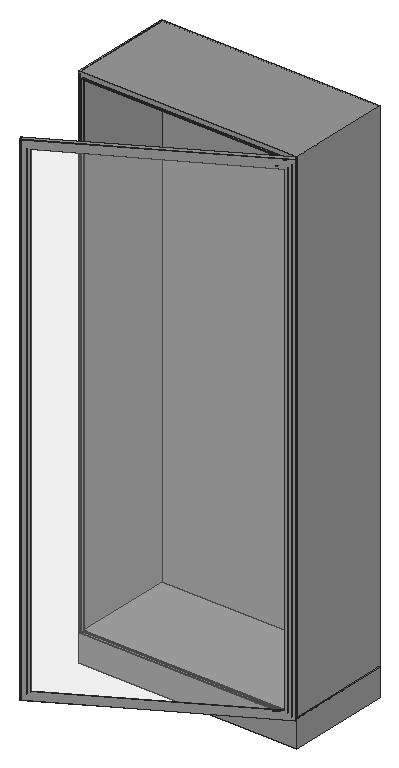
Revit family "Hager-Univers-IP55-D400-H1950-Cl.II-Steel_encl-NoHosted-BE-en", category Equipement électrique, Revit 2020
Family settings
  Configuration du panneau = Deux colonnes, circuits au sein
  Cote de connecteur circulaire = Utiliser le diamètre
  Type d'élément = Tableau de raccordement
  Basée sur le plan de construction = Oui
  Toujours verticalement = Oui
  Couper avec des vides une fois chargée = Non
  Partagée = Non
  Point de calcul de pièce = Non
Parameters (values of type "Floor installation IP55 W800 H1950 D400  - FR23U1")
  Width Control [instance] = if([EF000008 - Width] > Min Width, [EF000008 - Width], Min Width)  # 800 mm
  Commentaires du type = [HG000003 - Range]  # "Univers"
  Thickness Door [instance] = if([EF009171 - Material plate thickness door/cover] > 3 mm, 3 mm, [EF009171 - Material plate thickness door/cover])  # 1.5 mm
  Seal Frame Offset [instance] = 17 mm  # constant formula
  Plinth Visibility [instance] = [HG000027 - Plinth height] > 0 mm  # yes
  Min Width [instance] = 100 mm  # constant formula
  Min Depth [instance] = (2 * [EF009170 - Material plate thickness cabinet]) + 1 mm  # 4 mm
  Min Height [instance] = 100 mm  # constant formula
  Internal Frame Depth [instance] = (Door System Depth * 0.5)  # 9 mm
  Panel Name [instance] = ""  # (empty or 0)
  Model = ""
  HG000027 - Plinth height = 100 mm
  HG000026 - Floor standing = yes
  HG000024 - Bottom section height = 600 mm
  HG000023 - Double section enclosure = no
  HG000016 - Door 3d visibility [instance] = yes
  HG000015 - Clearance visibility [instance] = no
  HG000014 - Door on the right [instance] = yes
  HG000013 - Door on the left [instance] = not([HG000014 - Door on the right])  # no
  HG000012 - Door swing angle [instance] = 30.00°
  HG000010 - Asymmetric doors = no
  HG000009 - Double swing door = no
  HG000006 - Flush mounted = no
  HG000004 - Manufacturer reference = "FR23U1"
  HG000003 - Range = "Univers"
  HG000002 - With door or cover = yes
  Frame Offset Bottom [instance] = 10 mm  # constant formula
  Frame Offset [instance] = 15 mm  # constant formula
  EF015940 - Cover with overpressure release = no
  EF011959 - Degree of protection (NEMA) = ""
  EF009554 - Number of openings for flange plates = 6
  EF009212 - Cover model = "EV000116 - Closed"
  EF009171 - Material plate thickness door/cover = 1.5 mm
  EF009170 - Material plate thickness cabinet = 1.5 mm
  EF008873 - Nominal current (In) = 800 A
  EF007800 - Suitable for lightning protection = no
  EF006306 - With lock = no
  EF006244 - Transparent cover/door = yes
  EF005474 - Degree of protection (IP) = "EV006420 - IP55"
  EF004464 - Type of door = "EV002646 - Single"
  EF004427 - Number of modules = 432
  EF004293 - Impact strength = "EV008784 - IK10"
  EF003532 - Suitable for outdoor use = no
  EF002950 - Width in number of modular spacings = 24
  EF001613 - Circuit integrity = "EV000494 - None"
  EF001596 - Material housing = "EV000179 - Steel"
  EF001131 - Internal depth = 400 mm
  EF001088 - Extension possible = yes
  EF000437 - Number of conduit inlets = 6
  EF000339 - Type of cover = "EV004216 - Door"
  EF000266 - Number of rows = 12
  EF000218 - Built-in depth = 0 mm
  EF000118 - With mounting plate = no
  EF000116 - RAL-number = "7035"
  EF000049 - Depth = 400 mm
  EF000040 - Height = 1950 mm
  EF000008 - Width = 800 mm
  EF000007 - Colour = "EV000270 - Grey"
  EF000003 - Mounting method = "EV012274 - Floor installation"
  Door System Leaf Tolerance [instance] = 1.5 mm  # constant formula
  Door System Depth [instance] = 18 mm  # constant formula
  Door Height [instance] = Height Control - [HG000027 - Plinth height]  # 1850 mm
  Description = ""
  Default Elevation = 1219.2 mm
  Connector Offset [instance] = Height Control / 2  # 975 mm
  Fabricant = "Hager"  # constant formula
  Height Control [instance] = if([EF000040 - Height] > Min Height, [EF000040 - Height], Min Height)  # 1950 mm
  Depth Control [instance] = if([EF000049 - Depth] > Min Depth, [EF000049 - Depth], Min Depth)  # 400 mm
  Bottom Top Plate Trim [instance] = 1.5 mm  # constant formula
  Plinth height Ctrl [instance] = if([HG000027 - Plinth height] > 0 mm, [HG000027 - Plinth height], 12 mm)  # 100 mm
Types (11, lengths in mm): name | Width Control | HG000010 - Asymmetric doors | HG000009 - Double swing door | HG000004 - Manufacturer reference | EF009554 - Number of openings for flange plates | EF006244 - Transparent cover/door | EF004464 - Type of door | EF004427 - Number of modules | EF000437 - Number of conduit inlets | EF000008 - Width
  Floor installation IP55 W1050 H1950 D400  - FR24H1 | 1050 | yes | yes | "FR24H1" | 8 | no | "EV003602 - Double" | 576 | 8 | 1050
  Floor installation IP55 W1050 H1950 D400  - FR24U1 | 1050 | yes | yes | "FR24U1" | 8 | yes | "EV003602 - Double" | 576 | 8 | 1050
  Floor installation IP55 W1300 H1950 D400  - FR25H1 | 1300 | yes | yes | "FR25H1" | 10 | no | "EV003602 - Double" | 720 | 10 | 1300
  Floor installation IP55 W1300 H1950 D400  - FR25U1 | 1300 | yes | yes | "FR25U1" | 10 | yes | "EV003602 - Double" | 720 | 10 | 1300
  Floor installation IP55 W1550 H1950 D400  - FR26H1 | 1550 | yes | yes | "FR26H1" | 12 | no | "EV003602 - Double" | 864 | 12 | 1550
  Floor installation IP55 W1550 H1950 D400  - FR26U1 | 1550 | yes | yes | "FR26U1" | 12 | yes | "EV003602 - Double" | 864 | 12 | 1550
  Floor installation IP55 W300 H1950 D400  - FR21H1 | 300 | no | no | "FR21H1" | 2 | no | "EV002646 - Single" | 144 | 2 | 300
  Floor installation IP55 W550 H1950 D400  - FR22H1 | 550 | no | no | "FR22H1" | 4 | no | "EV002646 - Single" | 288 | 4 | 550
  Floor installation IP55 W550 H1950 D400  - FR22U1 | 550 | no | no | "FR22U1" | 4 | yes | "EV002646 - Single" | 288 | 4 | 550
  Floor installation IP55 W800 H1950 D400  - FR23H1 | 800 | no | no | "FR23H1" | 6 | no | "EV002646 - Single" | 432 | 6 | 800
  Floor installation IP55 W800 H1950 D400  - FR23U1 | 800 | no | no | "FR23U1" | 6 | yes | "EV002646 - Single" | 432 | 6 | 800
Reference planes
  plane 1 "Center (Front/Back)": y = 0
  plane 2: z = 0
  plane 3 "Center (Left/Right)": x = 0
  plane 4: y = 0
  plane 5: y = 0
  plane 6: z = 0
  plane 7: x = -400
  plane 8: x = 400
  plane 9: x = 398.5
  plane 10: x = -398.5
  plane 11: z = 100
  plane 12: z = 101.5
  plane 13: y = -400
  plane 14: y = -1.5
  plane 15: x = 0
  plane 16: y = -382
  plane 17: y = -398.5
  plane 18: y = -380.5
  plane 19: x = -383.5
  plane 20: x = 383.5
  plane 21: z = 111.5
  plane 22: x = -383
  plane 23: x = 383
  plane 24: z = 100
  plane 25: z = 1950
  plane 26: z = 1950
  plane 27: z = 1933.5
  plane 28: z = 1948.5
Forms (mm)
  Extrusion 1, solid, material "Hager_Steel_RAL7035_Light_Grey", detail levels medium+fine
    sketch origin (-208.679, -4572, 100) x (-1, 0, 0) y (0, -1, 0)
      loop
        line (191.321, -4190) -> (-608.679, -4190) -> (-608.679, -4572) -> (191.321, -4572) -> (191.321, -4190)
    from 0 to 1850
  Extrusion 2, void
    sketch origin (-350.771, -400, 1219.2) x (1, 0, 0) y (0, 0, 1)
      loop
        line (-47.729, 729.3) -> (-47.729, -1117.7) -> (749.271, -1117.7) -> (749.271, 729.3) -> (-47.729, 729.3)
    from -19.5 to -398.5
  Extrusion 3, void
    sketch origin (-290.084, -382, 1219.2) x (1, 0, 0) y (0, 0, 1)
      loop
        line (-93.416, -1107.7) -> (673.584, -1107.7) -> (673.584, 714.3) -> (-93.416, 714.3) -> (-93.416, -1107.7)
    from 0 to -1.5
  Extrusion 4, solid, material "Hager_Steel_RAL7035_Light_Grey", visible <- "Plinth Visibility", detail levels medium+fine
    sketch origin (0, 0, 0) x (1, 0, 0) y (0, 1, 0)
      loop
        line (-400, 0) -> (-400, -382) -> (400, -382) -> (400, 0) -> (-400, 0)
    from 0 to 100 <- "Plinth height Ctrl"
  Extrusion 5, solid, material "Hager_Steel_RAL7035_Light_Grey", detail levels coarse
    sketch origin (0, 0, 0) x (1, 0, 0) y (0, 1, 0)
      loop
        line (-400, 0) -> (-400, -400) -> (400, -400) -> (400, 0) -> (-400, 0)
    from 0 to 1950 <- "Height Control"
  Sweep 6, void
    path in 3D
      loop
        line (-400, -382, 100) -> (400, -382, 100) -> (400, 0, 100) -> (-400, 0, 100) -> (-400, -382, 100)
    profile origin (-400, -191, 100) x (1, 0, 0) y (0, 0, 1)
      loop
        line (0, 0) -> (0, -1.5) -> (1.5, -1.5)
        arc (1.5, -1.5) -> (1.061, -0.439) -> (0, 0) r 1.5
  Extrusion 7, solid, material "Hager_Steel_RAL7035_Light_Grey", detail levels fine
    sketch origin (-400, -382, 100) x (1, 0, 0) y (0, 0, 1)
      loop
        line (16.5, 11.5) -> (783.5, 11.5) -> (783.5, 1833.5) -> (16.5, 1833.5) -> (16.5, 11.5)
      loop
        line (15, 10) -> (785, 10) -> (785, 1835) -> (15, 1835) -> (15, 10)
    from 0 to 9 <- "Internal Frame Depth"
Cuts and joins
  Extrusion 2, Extrusion 3 cuts Extrusion 1
  Sweep 6 cuts Extrusion 4
Lines and regions (mm)
  Masking region 1
    outline origin (0, 0, 0) x (1, 0, 0) y (0, 1, 0)
      loop
        line (-400, 0) -> (-400, -400) -> (400, -400) -> (400, 0) -> (-400, 0)
  Masking region 2, detail levels coarse
    outline origin (-290.084, -382, 1219.2) x (-1, 0, 0) y (0, 0, 1)
      loop
        line (-690.084, -1219.2) -> (109.916, -1219.2) -> (109.916, 730.8) -> (-690.084, 730.8) -> (-690.084, -1219.2)
  Masking region 3, detail levels coarse
    outline origin (0, 0, 0) x (0, 1, 0) y (0, 0, 1)
      loop
        line (0, 0) -> (0, 1950) -> (-400, 1950) -> (-400, 0) -> (0, 0)
  Masking region 4, visible <- "Plinth Visibility", detail levels medium+fine
    outline origin (0, 0, 0) x (0, 1, 0) y (0, 0, 1)
      loop
        line (-1.5, 100) -> (-380.5, 100)
        arc (-380.5, 100) -> (-380.939, 98.939) -> (-382, 98.5) r 1.5
        line (-382, 98.5) -> (-382, 0) -> (0, 0) -> (0, 98.5)
        arc (0, 98.5) -> (-1.061, 98.939) -> (-1.5, 100) r 1.5
  Masking region 5, detail levels medium+fine
    outline origin (0, 0, 594.038) x (0, 1, 0) y (0, 0, 1)
      loop
        line (0, -494.038) -> (0, 1355.962) -> (-382, 1355.962) -> (-382, -494.038) -> (0, -494.038)
  Masking region 6, detail levels medium+fine
    outline origin (-359.7, -382, 1211.883) x (-1, 0, 0) y (0, 0, 1)
      loop
        line (-759.7, -1111.883) -> (40.3, -1111.883) -> (40.3, 738.117) -> (-759.7, 738.117) -> (-759.7, -1111.883)
  Masking region 7, visible <- "Plinth Visibility", detail levels medium+fine
    outline origin (-320.334, -382, 1041.368) x (-1, 0, 0) y (0, 0, 1)
      loop
        line (-720.334, -1041.368) -> (79.666, -1041.368) -> (79.666, -942.868)
        arc (79.666, -942.868) -> (78.606, -942.429) -> (78.166, -941.368) r 1.5
        line (78.166, -941.368) -> (-718.834, -941.368)
        arc (-718.834, -941.368) -> (-719.273, -942.429) -> (-720.334, -942.868) r 1.5
        line (-720.334, -942.868) -> (-720.334, -1041.368)
  sketch lines
    curve 1: line (-400, 0, 100) -> (-400, -382, 100)
    curve 2: line (-400, -382, 100) -> (400, -382, 100)
    curve 3: line (400, 0, 100) -> (-400, 0, 100)
    curve 4: line (400, -382, 100) -> (400, 0, 100)
Dimensions and locks
  locked: plane 1 "Center (Front/Back)" to plane 5
  "EF009170 - Material plate thickness cabinet": plane 7 to plane 10
  "EF009170 - Material plate thickness cabinet": plane 8 to plane 9
  equal spacing: plane 7, plane 3 "Center (Left/Right)", plane 8
  "Width Control": plane 7 to plane 8
  "Depth Control": plane 4 to plane 13
  "EF009170 - Material plate thickness cabinet": plane 4 to plane 14
  "Height Control": plane 25 to level
  "HG000027 - Plinth height": plane 11 to level
  "EF009170 - Material plate thickness cabinet": plane 12 to plane 11
  "EF009170 - Material plate thickness cabinet": plane 17 to plane 13
  "EF009170 - Material plate thickness cabinet": plane 18 to plane 16
  "Frame Offset Bottom": plane 21 to plane 12
  "Frame Offset": plane 10 to plane 19
  "Frame Offset": plane 9 to plane 20
  "Door System Depth": plane 16 to plane 13
  "Seal Frame Offset": plane 7 to plane 22
  "Seal Frame Offset": plane 8 to plane 23
  "EF009170 - Material plate thickness cabinet": plane 26 to plane 28
  "Frame Offset": plane 28 to plane 27
  "Connector Offset": plane 2 to connector elem
  "Bottom Top Plate Trim": profile plane to Sweep 6 sketch curve
  "Bottom Top Plate Trim": Sweep 6 sketch curve to Sweep 6 sketch curve
  "Plinth height Ctrl": Masking region 4 sketch curve to level
  "Plinth height Ctrl": Masking region 7 sketch curve to level
  "Thickness Door": Extrusion 7 sketch curve to Extrusion 7 sketch curve  (x4)
  "Bottom Top Plate Trim": radius of Sweep 6 sketch curve
  "Bottom Top Plate Trim": radius of Masking region 4 sketch curve  (x2)
  "Bottom Top Plate Trim": radius of Masking region 7 sketch curve  (x2)
  aligned and locked: Extrusion 2 sketch curve to plane 12
  aligned and locked: Extrusion 2 sketch curve to plane 9
  aligned and locked: Extrusion 2 sketch curve to plane 10
  aligned and locked: Extrusion 2 to plane 14
  aligned and locked: Extrusion 1 sketch curve to plane 4
  aligned and locked: plane 8 to Extrusion 1 sketch curve
  aligned and locked: plane 7 to Extrusion 1 sketch curve
  aligned and locked: Extrusion 2 to plane 18
  aligned and locked: Extrusion 3 sketch curve to plane 19
  aligned and locked: plane 20 to Extrusion 3 sketch curve
  aligned and locked: Extrusion 3 to Extrusion 2
  aligned and locked: Extrusion 3 sketch curve to plane 21
  aligned and locked: plane 3 "Center (Left/Right)" to nested 1
  aligned and locked: Extrusion 1 sketch curve to plane 16
  aligned and locked: Extrusion 4 sketch curve to cut or joined group of Extrusion 1, Extrusion 2, Extrusion 3
  aligned and locked: Masking region 1 sketch curve to plane 7
  aligned and locked: Masking region 1 sketch curve to plane 5
  aligned and locked: Masking region 1 sketch curve to plane 8
  aligned and locked: Masking region 2 sketch curve to level
  aligned and locked: level to Masking region 3 sketch curve
  aligned and locked: plane 1 "Center (Front/Back)" to Masking region 3 sketch curve
  aligned and locked: plane 13 to Masking region 3 sketch curve
  aligned and locked: plane 5 to Masking region 4 sketch curve
  aligned and locked: Masking region 2 sketch curve to plane 8
  aligned and locked: Masking region 2 sketch curve to plane 7
  aligned and locked: plane 7 to nested 2
  aligned and locked: nested 2 to plane 5
  aligned and locked: plane 5 to Masking region 5 sketch curve
  aligned and locked: plane 26 to Masking region 5 sketch curve
  aligned and locked: Extrusion 5 sketch curve to plane 8
  aligned and locked: Extrusion 5 sketch curve to plane 7
  aligned and locked: Extrusion 5 sketch curve to plane 5
  aligned and locked: Extrusion 3 sketch curve to plane 27
  aligned and locked: Extrusion 2 sketch curve to plane 28
  aligned and locked: Masking region 2 to plane 25
  aligned and locked: Extrusion 4 to plane 16
  aligned and locked: profile plane to Sweep 6 sketch curve
  aligned and locked: Masking region 5 sketch curve to plane 24
  aligned and locked: level to Masking region 4 sketch curve
  aligned and locked: Masking region 1 to plane 13
  aligned and locked: nested 1 to plane 16
  aligned and locked: Masking region 3 to plane 25
  aligned and locked: plane 16 to Masking region 4 sketch curve
  aligned and locked: Masking region 5 sketch curve to plane 16
  aligned and locked: plane 24 to plane 11
  aligned and locked: plane 26 to plane 25
  aligned and locked: plane 26 to cut or joined group of Extrusion 1, Extrusion 2, Extrusion 3
  aligned and locked: nested 1 to plane 24
  aligned and locked: Extrusion 1 to Extrusion 3
  aligned and locked: Masking region 6 sketch curve to plane 8
  aligned and locked: Masking region 6 sketch curve to plane 24
  aligned and locked: Masking region 6 sketch curve to plane 7
  aligned and locked: Masking region 6 sketch curve to plane 26
  aligned and locked: Masking region 7 sketch curve to plane 7
  aligned and locked: level to Masking region 7 sketch curve
  aligned and locked: Masking region 7 sketch curve to plane 8
  aligned and locked: Extrusion 7 sketch curve to cut or joined group of Extrusion 1, Extrusion 2, Extrusion 3  (x4)
Automatic sketch dimensions
  plane 19 to Extrusion 3 sketch curve = 0 mm
  Extrusion 3 sketch curve to plane 20 = 0 mm
  Extrusion 3 sketch curve to plane 21 = 0 mm
  Extrusion 4 sketch curve to plane 7 = 0 mm
  Extrusion 4 sketch curve to plane 8 = 0 mm
  Extrusion 4 sketch curve to plane 16 = 0 mm
  Masking region 1 sketch curve to plane 13 = 0 mm
  Masking region 2 sketch curve to plane 25 = 0 mm
  Masking region 3 sketch curve to plane 25 = 0 mm
  Extrusion 5 sketch curve to plane 13 = 0 mm
  profile plane to Sweep 6 sketch curve = 0 mm
Nested families
  nested 1: "EC000058_Univers_Door" at (0, -382, 100), Double <- "HG000009 - Double swing door", Transparent <- "EF006244 - Transparent cover/door", Angle <- "HG000012 - Door swing angle", Door_Right <- "HG000014 - Door on the right", Assymetrical <- "HG000010 - Asymmetric doors", Door <- "HG000002 - With door or cover", Width_Ctrl <- "Width Control", 3d_Door <- "HG000016 - Door 3d visibility", Clearance <- "HG000015 - Clearance visibility", Door_Left <- "HG000013 - Door on the left", Width <- "Width Control", Door_Depth <- "Door System Depth", Leaf_Tolerance <- "Door System Leaf Tolerance", Height <- "Door Height", Lock_Visibility <- "EF006306 - With lock", Thickness <- "Thickness Door", type "EC000058_Univers_Door", detail levels medium+fine
    with min_wh 4 mm, Width_Ctrl 800 mm, Width 800 mm, Transparent yes, Thickness 1.5 mm, Seal_Material Hager_Rubber, Lock_Visibility no, Lock_Material Hager_Plastic_RAL9005_Jet_Black, Leaf_Width 800 mm, Leaf_Tolerance_External_Sides 0 mm, Leaf_Tolerance 1.5 mm, Leaf_Offset 0 mm, Leaf_Height 1847 mm, Leaf_2_Width 800 mm, Leaf_2_Offset 400 mm, Leaf_1_Width 800 mm, Leaf_1_Offset 400 mm, Height_Ctrl 1850 mm, Height 1850 mm, Glass_Material Hager_Glass, Double_Clearance_Ctrl no, Double no, Door_Right_Ctrl yes, Door_Right yes, Door_Material Hager_Steel_RAL7035_Light_Grey, Door_Left_Ctrl no, Door_Left no, Door_Depth 18 mm, Door yes, Clearance_Material Hager_Clearance, Clearance_Depth 800 mm, Clearance_Ctrl no, Clearance no, Assymetrical no, Angle 30.00°, 3d_Door yes
  nested 2: "Hager_Enclosure_Symbol" at (-400, 0, 0), Height <- "Depth Control", Width <- "Width Control", type "Hager_Enclosure_Symbol"
    with Width_Ctrl 800 mm, Width 800 mm, Height_Ctrl 400 mm, Height 400 mm, A_Width_Int 26.25 mm, A_Width 315 mm, A_Height_Ctrl 350 mm, A_Height 350 mm
Connectors
  electrical at (0, 0, 975)
    settings: on plane 1 "Center (Front/Back)", index 1, voltage 0 V, apparent load 0 VA, apparent load phase1 0 VA, apparent load phase2 0 VA, apparent load phase3 0 VA, power factor 1, load classification "Other", number of poles 1, system type 30, power factor state 1, is connector primary yes, connector utility no, sub classification motor no, connector description ""
Definition of nested family "EC000058_Univers_Door"
  Parameters (values of type "EC000058_Univers_Door")
    min_wh [instance] = (2 * Thickness) + 1 mm  # 11 mm
    Width_Ctrl [instance] = 400 mm
    Width [instance] = 500 mm
    Transparent [instance] = yes
    Thickness [instance] = 5 mm
    Seal_Material [instance] = none
    Lock_Visibility [instance] = yes
    Lock_Material [instance] = none
    Leaf_Width [instance] = if((Width_Ctrl - 2 * Leaf_Tolerance_External_Sides) > 0 mm, (Width_Ctrl - 2 * Leaf_Tolerance_External_Sides), min_wh)  # 400 mm
    Leaf_Tolerance_External_Sides [instance] = 0 mm  # constant formula
    Leaf_Tolerance [instance] = 1.5 mm
    Leaf_Offset [instance] = 0 mm  # constant formula
    Leaf_Height [instance] = if((Height_Ctrl - 2 * Leaf_Tolerance) > 0 mm, (Height_Ctrl - 2 * Leaf_Tolerance), min_wh)  # 497 mm
    Leaf_2_Width [instance] = if(and(and(Double, Assymetrical), Door_Left), (Leaf_Width / 3) - (Leaf_Tolerance / 2), if(and(and(Double, Assymetrical), Door_Right), (Leaf_Width / 3) * 2 - (Leaf_Tolerance / 2), if(and(Double, not(Assymetrical)), (Leaf_Width / 2) - Leaf_Tolerance, Leaf_Width)))  # 400 mm
    Leaf_2_Offset [instance] = if(and(Double, Assymetrical), Leaf_2_Width / 2, if(and(Double, not(Assymetrical)), Leaf_Width / 4, Leaf_Width / 2))  # 200 mm
    Leaf_1_Width [instance] = if(and(and(Double, Assymetrical), Door_Right), (Leaf_Width / 3) - (Leaf_Tolerance / 2), if(and(and(Double, Assymetrical), Door_Left), (Width / 3) * 2 - (Leaf_Tolerance / 2), if(and(Double, not(Assymetrical)), (Leaf_Width / 2) - Leaf_Tolerance, Leaf_Width)))  # 400 mm
    Leaf_1_Offset [instance] = if(and(Double, Assymetrical), Leaf_1_Width / 2, if(and(Double, not(Assymetrical)), Leaf_Width / 4, Leaf_Width / 2))  # 200 mm
    Height_Ctrl [instance] = if(Height > min_wh, Height, min_wh)  # 500 mm
    Height [instance] = 500 mm
    Glass_Material [instance] = none
    Double_Clearance_Ctrl [instance] = and(Double, Clearance)  # no
    Double [instance] = no
    Door_Right_Ctrl [instance] = and(or(Door_Right, Double), Door)  # yes
    Door_Right [instance] = yes
    Door_Material [instance] = none
    Door_Left_Ctrl [instance] = and(or(Door_Left, Double), Door)  # no
    Door_Left [instance] = no
    Door_Depth [instance] = 30 mm
    Door [instance] = yes
    Default Elevation = 1219.2 mm
    Clearance_Material [instance] = none
    Clearance_Depth [instance] = if(Leaf_1_Width > Leaf_2_Width, Leaf_1_Width, Leaf_2_Width)  # 400 mm
    Clearance_Ctrl [instance] = and(not(Double), Clearance)  # yes
    Clearance [instance] = yes
    Assymetrical [instance] = yes
    Angle [instance] = 30.00°
    3d_Door [instance] = yes
  Reference planes
    plane 1 "Center (Front/Back)": y = 0
    plane 2 "Bottom": z = 0
    plane 3 "Center (Left/Right)": x = 0
    plane 4: z = 500
    plane 5: x = -200
    plane 6: x = 200
    plane 7: z = 500
    plane 8: x = -200
    plane 9: z = 0
    plane 10: x = 200
    plane 11: y = 0
    plane 12: z = 1.5
    plane 13: x = -600
    plane 14: y = -400
    plane 15: x = 600
    plane 16: x = 0
    plane 17: x = 0
    plane 18: x = -200
    plane 19: x = 200
    plane 20: z = 498.5
  Forms (mm)
    Extrusion 1, solid, material <- "Clearance_Material", visible <- "Double_Clearance_Ctrl"
      sketch origin (1200, 0, 0) x (1, 0, 0) y (0, 0, -1)
        loop
          line (-1800, -498.5) -> (-600, -498.5) -> (-600, 0) -> (-1800, 0) -> (-1800, -498.5)
      from 0 to -400
  Dimensions and locks
    equal spacing: plane 5, plane 3 "Center (Left/Right)", plane 6
    "Width_Ctrl": plane 5 to plane 6
    "Leaf_Offset": plane 5 to plane 8
    "Leaf_Offset": plane 6 to plane 10
    "Leaf_Offset": plane 9 to level
    "Leaf_Offset": plane 4 to plane 7
    "Height_Ctrl": plane 4 to level
    "Leaf_Tolerance": plane 12 to plane 9
    locked: plane 11 to plane 1 "Center (Front/Back)"
    "Leaf_1_Offset": plane 18 to plane 16
    "Leaf_2_Offset": plane 17 to plane 19
    "Leaf_1_Width": plane 13 to plane 8
    "Leaf_2_Width": plane 10 to plane 15
    "Clearance_Depth": plane 14 to plane 1 "Center (Front/Back)"
    "Leaf_Tolerance_External_Sides": plane 8 to plane 18
    "Leaf_Tolerance_External_Sides": plane 19 to plane 10
    "Leaf_Tolerance": plane 7 to plane 20
    aligned and locked: level to plane 2 "Bottom"
    aligned and locked: nested 1 to plane 16
    aligned and locked: nested 2 to plane 17
    aligned and locked: Extrusion 1 to plane 13
    aligned and locked: plane 15 to Extrusion 1
    aligned and locked: Extrusion 1 to plane 14
    aligned and locked: plane 12 to nested 1
    aligned and locked: nested 2 to plane 12
    aligned and locked: Extrusion 1 to plane 11
    aligned and locked: plane 20 to Extrusion 1
    aligned and locked: nested 2 to plane 11
    aligned and locked: nested 1 to plane 11
  Automatic sketch dimensions
    Extrusion 1 sketch curve to level = 0 mm
    plane 5 to Extrusion 1 sketch curve = 400 mm
    plane 6 to Extrusion 1 sketch curve = 400 mm
    Extrusion 1 sketch curve to plane 4 = 1.5 mm
  Nested families
    nested 1: "EC000058_Univers_Door_Leaf" at (0, 0, 1.5), Width <- "Leaf_1_Width", visible <- "Door_Left_Ctrl", Leaf_Height <- "Leaf_Height", Angle <- "Angle", 3d_Door <- "3d_Door", Transparent <- "Transparent", Clearance Material <- "Clearance_Material", Clearance <- "Clearance_Ctrl", Door_Material <- "Door_Material", Glass_Material <- "Glass_Material", Door_Depth <- "Door_Depth", Lock_Material <- "Lock_Material", Seal_Material <- "Seal_Material", Lock_Visibility <- "Lock_Visibility", Thickness <- "Thickness", type "EC000058_Univers_Door_Leaf"
      with Width 400 mm, Transparent_Glass_Offset 30 mm, Transparent_Ctrl yes, Transparent yes, Thickness 5 mm, Standard no, Seal_Material none, Seal_D2 8 mm, Seal_D1 1 mm, Offset_Internal_Frame 10 mm, Lock_Width 20 mm, Lock_Visibility_3d yes, Lock_Visibility yes, Lock_Thickness_3 3 mm, Lock_Thickness_2 1 mm, Lock_Thickness_1 3 mm, Lock_Radius_Offset_2 16 mm, Lock_Radius_Offset_1 15 mm, Lock_Radius_2 5 mm, Lock_Radius 6 mm, Lock_Offset 5 mm, Lock_Material none, Lock_Height 80 mm, Lock_Cover_Top_Offset_2d 17 mm, Lock_Cover_Height -65 mm, Leaf_Height 497 mm, Internal_Seal_Thickness 8 mm, Internal_Seal_Depth_2 4.5 mm, Internal_Frame_Depth 25 mm, Glass_Thickness -1 mm, Glass_Offset -2 mm, Glass_Material none, Door_Material none, Door_Depth 30 mm, Clearance Material none, Clearance yes, Angle_Ctrl 30.00°, Angle 30.00°, 3d_Door yes
    nested 2: "EC000058_Univers_Door_Leaf" at (0, 0, 1.5) x (-1, 0, 0) z (0, 0, 1), Width <- "Leaf_2_Width", visible <- "Door_Right_Ctrl", Leaf_Height <- "Leaf_Height", Angle <- "Angle", 3d_Door <- "3d_Door", Transparent <- "Transparent", Clearance Material <- "Clearance_Material", Clearance <- "Clearance_Ctrl", Door_Material <- "Door_Material", Glass_Material <- "Glass_Material", Door_Depth <- "Door_Depth", Lock_Material <- "Lock_Material", Seal_Material <- "Seal_Material", Lock_Visibility <- "Lock_Visibility", Thickness <- "Thickness", type "EC000058_Univers_Door_Leaf"
      with Width 400 mm, Transparent_Glass_Offset 30 mm, Transparent_Ctrl yes, Transparent yes, Thickness 5 mm, Standard no, Seal_Material none, Seal_D2 8 mm, Seal_D1 1 mm, Offset_Internal_Frame 10 mm, Lock_Width 20 mm, Lock_Visibility_3d yes, Lock_Visibility yes, Lock_Thickness_3 3 mm, Lock_Thickness_2 1 mm, Lock_Thickness_1 3 mm, Lock_Radius_Offset_2 16 mm, Lock_Radius_Offset_1 15 mm, Lock_Radius_2 5 mm, Lock_Radius 6 mm, Lock_Offset 5 mm, Lock_Material none, Lock_Height 80 mm, Lock_Cover_Top_Offset_2d 17 mm, Lock_Cover_Height -65 mm, Leaf_Height 497 mm, Internal_Seal_Thickness 8 mm, Internal_Seal_Depth_2 4.5 mm, Internal_Frame_Depth 25 mm, Glass_Thickness -1 mm, Glass_Offset -2 mm, Glass_Material none, Door_Material none, Door_Depth 30 mm, Clearance Material none, Clearance yes, Angle_Ctrl 30.00°, Angle 30.00°, 3d_Door yes
  Definition of nested family "EC000058_Univers_Door_Leaf"
    Parameters (values of type "EC000058_Univers_Door_Leaf")
      Width [instance] = 2000 mm
      Transparent_Glass_Offset [instance] = 30 mm
      Transparent_Ctrl [instance] = and(Transparent, [3d_Door])  # yes
      Transparent [instance] = yes
      Thickness [instance] = 5 mm
      Standard [instance] = and(not(Transparent), [3d_Door])  # no
      Seal_Material [instance] = none
      Seal_D2 [instance] = 8 mm  # constant formula
      Seal_D1 [instance] = 1 mm  # constant formula
      Offset_Internal_Frame [instance] = 10 mm  # constant formula
      Lock_Width [instance] = 20 mm  # constant formula
      Lock_Visibility_3d [instance] = and(Lock_Visibility, [3d_Door])  # yes
      Lock_Visibility [instance] = yes
      Lock_Thickness_3 [instance] = 3 mm  # constant formula
      Lock_Thickness_2 [instance] = 1 mm  # constant formula
      Lock_Thickness_1 [instance] = 3 mm  # constant formula
      Lock_Radius_Offset_2 [instance] = Lock_Radius_Offset_1 + 1 mm  # 16 mm
      Lock_Radius_Offset_1 [instance] = 15 mm  # constant formula
      Lock_Radius_2 [instance] = Lock_Radius - 1 mm  # 5 mm
      Lock_Radius [instance] = 6 mm  # constant formula
      Lock_Offset [instance] = 5 mm  # constant formula
      Lock_Material [instance] = none
      Lock_Height [instance] = 80 mm  # constant formula
      Lock_Cover_Top_Offset_2d [instance] = Lock_Radius_Offset_2 + 1 mm  # 17 mm
      Lock_Cover_Height [instance] = -(Lock_Height - Lock_Radius_Offset_1)  # -65 mm
      Leaf_Height [instance] = 2720.336 mm
      Internal_Seal_Thickness [instance] = 8 mm  # constant formula
      Internal_Seal_Depth_2 [instance] = 4.5 mm  # constant formula
      Internal_Frame_Depth [instance] = if(Door_Depth - Thickness > 5 mm, Door_Depth - Thickness, 5 mm)  # 25 mm
      Glass_Thickness [instance] = if(Thickness > 15 mm, Glass_Offset + 10 mm, -1 mm)  # -1 mm
      Glass_Offset [instance] = if(Thickness > 15 mm, -(Thickness + 10 mm) / 2, -2 mm)  # -2 mm
      Glass_Material [instance] = none
      Door_Material [instance] = none
      Door_Depth [instance] = 30 mm
      Default Elevation = 0 mm
      Clearance Material [instance] = none
      Clearance [instance] = yes
      Angle_Ctrl [instance] = if(Angle > 180.00°, 180.00°, Angle)  # 90.00°
      Angle [instance] = 90.00°
      3d_Door [instance] = yes
    Reference planes
      plane 1 "Center (Front/Back)": y = 0
      plane 2: z = 0
      plane 3 "Center (Left/Right)": x = 0
      plane 4: y = 2000
      plane 5: x = -1000
      plane 6: x = 1000
      plane 7: x = -3000
      plane 8: z = 2720.336
      plane 9: z = 30
      plane 10: z = 2690.336
      plane 11: x = 970
      plane 12: x = -970
      plane 13: y = -3
      plane 14: z = 107.833
      plane 15: y = -5
      plane 16: y = -223.314
      plane 17: x = -1000
      plane 18: z = 1360.168
      plane 19: y = 30
    Forms (mm)
      Extrusion 1, solid, material <- "Clearance Material", visible <- "Clearance"
        sketch origin (0, 0, 0) x (1, 0, 0) y (0, 0, 1)
          loop
            line (-3000, 2720.336) -> (-3000, 0) -> (1000, 0) -> (1000, 2720.336) -> (-3000, 2720.336)
        from 0 to -2000
      Extrusion 2, solid, material <- "Door_Material", visible <- "Standard", detail levels medium+fine
        sketch origin (-1000, 0, 0) x (0, 1, 0) y (-1, 0, 0)
          loop
            line (0, 30) -> (0, 25) -> (2000, 25) -> (2000, 30) -> (0, 30)
        from 0 to 2720.336 <- "Leaf_Height"
      Extrusion 3, solid, material <- "Door_Material", visible <- "Transparent_Ctrl", detail levels medium+fine
        sketch origin (-1000, 0, 0) x (0, 1, 0) y (-1, 0, 0)
          loop
            line (0, 25) -> (2000, 25) -> (2000, 30) -> (0, 30) -> (0, 25)
        from 0 to 2720.336 <- "Leaf_Height"
      Extrusion 4, void
        sketch origin (-1025, 2000, 0) x (0, 1, 0) y (0, 0, -1)
          loop
            line (-30, -2690.336) -> (-30, -30) -> (-1970, -30) -> (-1970, -2690.336) -> (-30, -2690.336)
        from 0 to 5 <- "Thickness"
      Sweep 5, solid, material <- "Seal_Material", visible <- "Transparent_Ctrl", detail levels fine
        path in 3D
          loop
            line (-1025, 30, 30) -> (-1025, 30, 2690.336) -> (-1025, 1970, 2690.336) -> (-1025, 1970, 30) -> (-1025, 30, 30)
        profile origin (-1025, 1000, 30) x (1, 0, 0) y (0, 0, 1)
          loop
            line (0, 0) -> (0, -8) -> (1, -8) -> (1, 0) -> (0, 0)
      Extrusion 6, solid, material <- "Glass_Material", visible <- "Transparent_Ctrl", detail levels medium+fine
        sketch origin (-1030, 0, 0) x (0, 1, 0) y (0, 0, -1)
          loop
            line (1970, -2690.336) -> (1970, -30) -> (30, -30) -> (30, -2690.336) -> (1970, -2690.336)
        from -2 <- "Glass_Offset" to -1 <- "Glass_Thickness"
      Extrusion 7, solid, material <- "Door_Material", visible <- "3d_Door", detail levels medium+fine
        sketch origin (-1025, 2000, 0) x (0, -1, 0) y (0, 0, -1)
          loop
            line (0, -2720.336) -> (2000, -2720.336) -> (2000, 0) -> (0, 0) -> (0, -2720.336)
          loop
            line (1995, -5) -> (5, -5) -> (5, -2715.336) -> (1995, -2715.336) -> (1995, -5)
        from 0 to 25 <- "Internal_Frame_Depth"
      Sweep 8, solid, material <- "Seal_Material", visible <- "Transparent_Ctrl", detail levels fine
        path in 3D
          loop
            line (-1025, 0, 0) -> (-1025, 2000, 0) -> (-1025, 2000, 2720.336) -> (-1025, 0, 2720.336) -> (-1025, 0, 0)
        profile origin (-1025, 0, 1360.168) x (1, 0, 0) y (0, 1, 0)
          loop
            line (0, 10) -> (2.975, 10)
            arc (2.975, 10) -> (4.053, 10.447) -> (4.5, 11.525) r 1.525
            line (4.5, 11.525) -> (4.5, 16.527)
            arc (4.5, 16.527) -> (4.069, 17.569) -> (3.027, 18) r 1.473
            line (3.027, 18) -> (0, 18) -> (0, 10)
      Extrusion 9, solid, material <- "Lock_Material", visible <- "Lock_Visibility_3d", detail levels fine
        sketch origin (-1030, 0, 0) x (0, 1, 0) y (0, 0, -1)
          loop
            arc (1993.5, -1400.168) -> (1994.561, -1399.729) -> (1995, -1398.668) r 1.5
            line (1995, -1398.668) -> (1995, -1320.168) -> (1975, -1320.168) -> (1975, -1398.668)
            arc (1975, -1398.668) -> (1975.439, -1399.729) -> (1976.5, -1400.168) r 1.5
            line (1976.5, -1400.168) -> (1993.5, -1400.168)
        from 3 <- "Lock_Thickness_1" to 0
      Blend 10, solid, material <- "Lock_Material", visible <- "Lock_Visibility_3d", detail levels fine
        base sketch origin (-1033, 0, 0) x (0, 1, 0) y (0, 0, -1)
          loop
            line (1975, -1320.168) -> (1975, -1398.668)
            arc (1975, -1398.668) -> (1975.439, -1399.729) -> (1976.5, -1400.168) r 1.5
            line (1976.5, -1400.168) -> (1993.5, -1400.168)
            arc (1993.5, -1400.168) -> (1994.561, -1399.729) -> (1995, -1398.668) r 1.5
            line (1995, -1398.668) -> (1995, -1320.168) -> (1975, -1320.168)
        top sketch origin (-1033, 0, 0) x (0, 1, 0) y (0, 0, -1)
          loop
            line (1976, -1320.168) -> (1976, -1398.668)
            arc (1976, -1398.668) -> (1976.146, -1399.022) -> (1976.5, -1399.168) r 0.5
            line (1976.5, -1399.168) -> (1993.5, -1399.168)
            arc (1993.5, -1399.168) -> (1993.854, -1399.022) -> (1994, -1398.668) r 0.5
            line (1994, -1398.668) -> (1994, -1320.168) -> (1976, -1320.168)
        from 0 to 1 <- "Lock_Thickness_2"
      Blend 11, solid, material <- "Lock_Material", visible <- "Lock_Visibility_3d", detail levels fine
        base sketch origin (-1034, 0, 0) x (0, 1, 0) y (0, 0, -1)
          loop
            line (1978, -1320.168) -> (1978, -1384.168)
            arc (1978, -1384.168) -> (1985, -1391.168) -> (1992, -1384.168) r 7
            line (1992, -1384.168) -> (1992, -1320.168) -> (1978, -1320.168)
        top sketch origin (-1034, 0, 0) x (0, 1, 0) y (0, 0, -1)
          loop
            line (1991, -1320.168) -> (1979, -1320.168) -> (1979, -1383.168)
            arc (1979, -1383.168) -> (1985, -1389.168) -> (1991, -1383.168) r 6
            line (1991, -1383.168) -> (1991, -1320.168)
        from 0 to 3 <- "Lock_Thickness_3"
      Extrusion 12, solid, material <- "Lock_Material", visible <- "Lock_Visibility_3d", detail levels fine
        sketch origin (-1030, 1975, 1320.168) x (1, 0, 0) y (0, -1, 0)
          loop
            line (-7, -19) -> (-7, -1) -> (0, -1) -> (0, 0) -> (-8, 0) -> (-8, -20) -> (0, -20) -> (0, -19) -> (-7, -19)
        from 0 to -65 <- "Lock_Cover_Height"
      Extrusion 13, void
        sketch origin (-1038, 1995, 1320.168) x (-1, 0, 0) y (0, 0, -1)
          loop
            line (-5, -65) -> (0, -65) -> (-5, -60) -> (-5, -65)
        from 0 to 20 <- "Lock_Width"
      Extrusion 14, void
        sketch origin (-1038, 1975, 1320.168) x (0, -1, 0) y (0, 0, -1)
          loop
            circle (-10, -15.995) r 6
          loop
            circle (-10, -15.995) r 5
        from 0 to 2
      Extrusion 15, solid, material <- "Lock_Material", visible <- "Lock_Visibility_3d", detail levels medium
        sketch origin (-1030, 0, 0) x (0, 1, 0) y (0, 0, -1)
          loop
            arc (1993.5, -1400.168) -> (1994.561, -1399.729) -> (1995, -1398.668) r 1.5
            line (1995, -1398.668) -> (1995, -1320.168) -> (1975, -1320.168) -> (1975, -1398.668)
            arc (1975, -1398.668) -> (1975.439, -1399.729) -> (1976.5, -1400.168) r 1.5
            line (1976.5, -1400.168) -> (1993.5, -1400.168)
        from 8 to 0
    Cuts and joins
      Extrusion 4 cuts Extrusion 3
      Extrusion 13, Extrusion 14 cuts Extrusion 9
      Extrusion 14 cuts Blend 11
      Extrusion 13, Extrusion 14 cuts Extrusion 12
      joined: Extrusion 9, Blend 10, Blend 11, Extrusion 12
      Extrusion 14 cuts Extrusion 15
    Lines and regions (mm)
      Masking region 1, visible <- "Lock_Visibility", detail levels fine
        outline origin (0, 0, 0) x (0, 1, 0) y (0, 0, 1)
          loop
            line (30, 1320.168) -> (33, 1320.168) -> (33, 1400.168) -> (30, 1400.168) -> (30, 1320.168)
      Masking region 2, visible <- "Lock_Visibility", detail levels fine
        outline origin (0, 3.143, 0) x (0, 1, 0) y (0, 0, 1)
          loop
            line (29.857, 1354.168) -> (30.857, 1354.168) -> (30.857, 1366.168) -> (29.857, 1366.168) -> (29.857, 1354.168)
      Masking region 3, detail levels medium+fine
        outline origin (0, 0, 0) x (0, 1, 0) y (0, 0, 1)
          loop
            line (0, 0) -> (30, 0) -> (30, 2720.336) -> (0, 2720.336) -> (0, 0)
      Masking region 4, detail levels medium+fine
        outline origin (0, 0, 0) x (1, 0, 0) y (0, 0, 1)
          loop
            line (-1000, 2720.336) -> (-1000, 0) -> (1000, 0) -> (1000, 2720.336) -> (-1000, 2720.336)
      Masking region 5, visible <- "Lock_Visibility", detail levels fine
        outline origin (-47.116, 0, 0) x (1, 0, 0) y (0, 0, 1)
          loop
            arc (1024.616, 1399.168) -> (1023.556, 1398.729) -> (1023.116, 1397.668) r 1.5
            line (1023.116, 1397.668) -> (1023.116, 1320.168) -> (1041.116, 1320.168) -> (1041.116, 1397.668)
            arc (1041.116, 1397.668) -> (1040.677, 1398.729) -> (1039.616, 1399.168) r 1.5
            line (1039.616, 1399.168) -> (1024.616, 1399.168)
      Masking region 6, visible <- "Lock_Visibility", detail levels medium+fine
        outline origin (-25, 0, 0) x (1, 0, 0) y (0, 0, 1)
          loop
            arc (1001.5, 1400.168) -> (1000.439, 1399.729) -> (1000, 1398.668) r 1.5
            line (1000, 1398.668) -> (1000, 1320.168) -> (1020, 1320.168) -> (1020, 1398.668)
            arc (1020, 1398.668) -> (1019.561, 1399.729) -> (1018.5, 1400.168) r 1.5
            line (1018.5, 1400.168) -> (1001.5, 1400.168)
      Masking region 7, visible <- "Lock_Visibility", detail levels fine
        outline origin (-73.735, 0, 0) x (1, 0, 0) y (0, 0, 1)
          loop
            line (1051.735, 1382.168) -> (1065.735, 1382.168) -> (1065.735, 1384.168)
            arc (1065.735, 1384.168) -> (1058.735, 1391.168) -> (1051.735, 1384.168) r 7
            line (1051.735, 1384.168) -> (1051.735, 1382.168)
      Masking region 8, visible <- "Lock_Visibility", detail levels fine
        outline origin (-73.735, 0, 0) x (1, 0, 0) y (0, 0, 1)
          loop
            line (1052.735, 1382.168) -> (1064.735, 1382.168) -> (1064.735, 1383.168)
            arc (1064.735, 1383.168) -> (1058.735, 1389.168) -> (1052.735, 1383.168) r 6
            line (1052.735, 1383.168) -> (1052.735, 1382.168)
      Masking region 9, visible <- "Lock_Visibility", detail levels fine
        outline origin (-25, 0, 0) x (1, 0, 0) y (0, 0, 1)
          loop
            line (1020, 1320.168) -> (1020, 1382.168) -> (1000, 1382.168) -> (1000, 1320.168) -> (1020, 1320.168)
      Masking region 10, detail levels medium+fine
        outline origin (0, 0, 0) x (1, 0, 0) y (0, 0, 1)
          loop
            circle (985, 1335.144) r 6
      Masking region 11, detail levels fine
        outline origin (0, 0, 0) x (1, 0, 0) y (0, 0, 1)
          loop
            circle (985, 1335.144) r 5
      Masking region 12, visible <- "Lock_Visibility", detail levels fine
        outline origin (0, 12.767, 0) x (0, 1, 0) y (0, 0, 1)
          loop
            line (20.233, 1320.168) -> (21.233, 1320.168) -> (21.233, 1399.168) -> (20.233, 1400.168) -> (20.233, 1320.168)
      Masking region 13, visible <- "Lock_Visibility", detail levels fine
        outline origin (0, 13.767, -10) x (0, 1, 0) y (0, 0, 1)
          loop
            line (20.233, 1330.168) -> (23.233, 1330.168) -> (23.233, 1399.168) -> (20.233, 1402.168) -> (20.233, 1330.168)
      Masking region 14, visible <- "Lock_Visibility", detail levels fine
        outline origin (0, 12.767, -10) x (0, 1, 0) y (0, 0, 1)
          loop
            line (20.233, 1330.168) -> (25.233, 1330.168) -> (25.233, 1399.305) -> (20.233, 1394.305) -> (20.233, 1330.168)
      Masking region 15, visible <- "Lock_Visibility", detail levels medium
        outline origin (0, 0, 0) x (0, 1, 0) y (0, 0, 1)
          loop
            line (30, 1320.168) -> (38, 1320.168) -> (38, 1400.168) -> (30, 1400.168) -> (30, 1320.168)
      Masking region 16, visible <- "Lock_Visibility", detail levels fine
        outline origin (-1000, 0, 0) x (0, 1, 0) y (-1, 0, 0)
          loop
            line (1975, 30) -> (1995, 30) -> (1995, 38) -> (1975, 38) -> (1975, 30)
          loop
            line (1979, 37) -> (1976, 37) -> (1976, 34) -> (1978, 34) -> (1979, 37)
          loop
            line (1994, 37) -> (1991, 37) -> (1992, 34) -> (1994, 34) -> (1994, 37)
      Masking region 17, visible <- "Lock_Visibility", detail levels medium
        outline origin (-1000, 0, 0) x (0, 1, 0) y (-1, 0, 0)
          loop
            line (1975, 30) -> (1995, 30) -> (1995, 38) -> (1975, 38) -> (1975, 30)
      symbolic lines
        curve 1: line (1000, 0, 0) -> (-3000, 0, 0)
        curve 2: arc (1000, 0, 0) -> (-1000, 2000, 0) -> (-3000, 0, 0) r 2000
        curve 4: line (-1030, 0, 0) -> (-1030, 2000, 0)
      reference lines
        curve 3: line (-1000, 0, 0) -> (-1000, 2000, 0)
      symbolic lines, detail levels medium+fine
        curve 5: line (-1030, 2000, 0) -> (-1025, 2000, 0)
        curve 7: line (-1025, 0, 0) -> (-1030, 0, 0)
        curve 8: line (-1025, 0, 0) -> (-1000, 0, 0)
        curve 9: line (-1000, 0, 0) -> (-1000, 2000, 0)
        curve 10: line (-1000, 2000, 0) -> (-1025, 2000, 0)
      symbolic lines, detail levels fine
        curve 6: line (-1025, 2000, 0) -> (-1025, 0, 0)
      sketch lines
        curve 11: line (-1025, 0, 2720.336) -> (-1025, 0, 0)
        curve 12: line (-1025, 2000, 0) -> (-1025, 0, 0)
        curve 13: line (-1025, 2000, 2720.336) -> (-1025, 2000, 0)
        curve 14: line (-1025, 0, 2720.336) -> (-1025, 2000, 2720.336)
        curve 15: line (-1025, 1970, 30) -> (-1025, 30, 30)
        curve 16: line (-1025, 30, 30) -> (-1025, 30, 2690.336)
        curve 17: line (-1025, 1970, 2690.336) -> (-1025, 1970, 30)
        curve 18: line (-1025, 30, 2690.336) -> (-1025, 1970, 2690.336)
      symbolic lines, visible <- "Transparent", detail levels medium+fine
        curve 19: line (-970, 0, 2690.336) -> (970, 0, 2690.336)
        curve 20: line (-970, 0, 30) -> (-970, 0, 2690.336)
        curve 21: line (970, 0, 30) -> (-970, 0, 30)
        curve 22: line (970, 0, 2690.336) -> (970, 0, 30)
    Dimensions and locks
      "Width": plane 1 "Center (Front/Back)" to plane 4
      equal spacing: plane 5, plane 3 "Center (Left/Right)", plane 6
      "Width": plane 5 to plane 6
      "Width": plane 7 to plane 5
      "Leaf_Height": plane 8 to level
      "Width": curve 5 to curve 3
      "Width": curve 3 to curve 3
      plane 8 to plane 10 = 30 mm
      plane 9 to level = 30 mm
      plane 12 to plane 5 = 30 mm
      plane 6 to plane 11 = 30 mm
      Extrusion 1 to Extrusion 4 sketch curve = 30 mm
      "Transparent_Glass_Offset": curve 3 to Extrusion 4 sketch curve
      "Transparent_Glass_Offset": Extrusion 4 sketch curve to cut or joined group of Extrusion 3, Extrusion 4  (x2)
      cut or joined group of Extrusion 3, Extrusion 4 to Extrusion 6 sketch curve = 30 mm
      "Transparent_Glass_Offset": cut or joined group of Extrusion 3, Extrusion 4 to Extrusion 4 sketch curve
      "Thickness": curve 6 to curve 4
      "Thickness": Extrusion 7 sketch curve to Extrusion 7 sketch curve  (x4)
      "Door_Depth": curve 4 to curve 3
      "Offset_Internal_Frame": profile plane to Sweep 8 sketch curve
      "Internal_Seal_Thickness": Sweep 8 sketch curve to Sweep 8 sketch curve
      "Internal_Seal_Depth_2": profile plane to Sweep 8 sketch curve
      "Seal_D1": profile plane to Sweep 5 sketch curve
      "Seal_D2": profile plane to Sweep 5 sketch curve
      "Thickness": Extrusion 2 sketch curve to Extrusion 2 sketch curve
      equal spacing: Extrusion 9 sketch curve, plane 18, Extrusion 9 sketch curve  (x2)
      equal spacing: Masking region 1 sketch curve, plane 18, Masking region 1 sketch curve
      "Lock_Height": Masking region 1 sketch curve to Masking region 1 sketch curve
      "Lock_Radius": Masking region 2 sketch curve to plane 18 to Masking region 2 sketch curve
      Masking region 2 sketch curve to Masking region 1 = 1 mm
      "Door_Depth": plane 19 to plane 1 "Center (Front/Back)"
      "Lock_Thickness_1": Masking region 1 sketch curve to plane 19
      "Lock_Width": Extrusion 9 sketch curve to Extrusion 9 sketch curve
      "Lock_Height": Extrusion 9 sketch curve to Extrusion 9 sketch curve
      "Lock_Offset": cut or joined group of Extrusion 3, Extrusion 4 to Extrusion 9 sketch curve
      equal spacing: plane 8, plane 18, level
      "Lock_Radius_Offset_1": Blend 11 sketch curve to Blend 10
      locked: Blend 10 to Blend 11 sketch curve at 2  (x2)
      locked: var sketch to Blend 11 sketch curve at 1  (x2)
      "Lock_Radius_Offset_2": Blend 11 sketch curve to Blend 10
      locked: Extrusion 12 sketch curve to Extrusion 12 sketch curve at 1  (x3)
      Masking region 6 sketch curve to Masking region 6 sketch curve = 80 mm
      "Lock_Height": Masking region 6 sketch curve to Masking region 6 sketch curve
      "Lock_Width": Masking region 6 sketch curve to Masking region 6 sketch curve
      locked: Masking region 6 to Masking region 5 sketch curve at 1  (x3)
      locked: Masking region 5 to Masking region 7 sketch curve at 2  (x2)
      "Lock_Radius_Offset_1": Masking region 5 to Masking region 7 sketch curve
      "Lock_Radius_Offset_2": Masking region 5 to Masking region 8 sketch curve
      locked: Masking region 7 to Masking region 8 sketch curve at 1  (x2)
      "Lock_Cover_Top_Offset_2d": Masking region 5 to Masking region 9 sketch curve
      equal spacing: Masking region 9, Masking region 10 sketch curve, Masking region 9
      equal spacing: Masking region 9, Masking region 11 sketch curve, Masking region 9
      Extrusion 15 sketch curve to Extrusion 15 sketch curve = 80 mm
      "Lock_Width": Extrusion 15 sketch curve to Extrusion 15 sketch curve
      "Lock_Height": Extrusion 15 sketch curve to Extrusion 15 sketch curve
      equal spacing: Extrusion 15 sketch curve, plane 18, Extrusion 15 sketch curve
      "Lock_Thickness_3": Masking region 13 sketch curve to Masking region 13 sketch curve
      "Lock_Height": Masking region 12 sketch curve to Masking region 12 sketch curve
      locked: Masking region 13 sketch curve to Masking region 1 at 8
      locked: Masking region 14 sketch curve to Masking region 13 at 1
      locked: Masking region 14 sketch curve to Masking region 1 at 10.863
      "Lock_Height": Masking region 15 sketch curve to Masking region 15 sketch curve
      "Lock_Offset": Extrusion 15 sketch curve to cut or joined group of Extrusion 3, Extrusion 4
      "Lock_Offset": plane 6 to Masking region 6 sketch curve
      radius of Sweep 8 sketch curve = 1.525 mm
      radius of Sweep 8 sketch curve = 1.473 mm
      radius of Extrusion 9 sketch curve = 1.5 mm  (x2)
      "Lock_Radius": radius of Extrusion 14 sketch curve
      "Lock_Radius_2": radius of Extrusion 14 sketch curve
      "Lock_Radius": radius of Masking region 10 sketch curve
      "Lock_Radius_2": radius of Masking region 11 sketch curve
      radius of Extrusion 15 sketch curve = 1.5 mm  (x2)
      "Angle_Ctrl": angle plane 1 "Center (Front/Back)" to curve 3
      locked: Masking region 12 sketch curve to Masking region 12 sketch curve (angle 45.00°)
      locked: Masking region 13 sketch curve to Masking region 13 sketch curve (angle 45.00°)
      locked: Masking region 14 sketch curve to Masking region 14 sketch curve (angle 45.00°)
      aligned and locked: level to plane 2
      aligned and locked: Extrusion 1 to curve 1
      aligned and locked: plane 6 to Extrusion 1
      aligned and locked: Extrusion 1 to plane 1 "Center (Front/Back)"
      aligned and locked: plane 4 to Extrusion 1
      aligned and locked: plane 8 to Extrusion 1
      aligned and locked: curve 7 to Extrusion 2 sketch curve
      aligned and locked: curve 5 to Extrusion 2 sketch curve
      aligned and locked: curve 7 to Extrusion 3 sketch curve
      aligned and locked: Extrusion 3 sketch curve to curve 4
      aligned and locked: Extrusion 3 sketch curve to curve 6
      aligned and locked: Extrusion 3 sketch curve to curve 5
      aligned and locked: curve 9 to curve 3
      aligned and locked: Extrusion 7 sketch curve to cut or joined group of Extrusion 3, Extrusion 4  (x4)
      aligned and locked: plane 17 to curve 3
      aligned and locked: plane 1 "Center (Front/Back)" to curve 3
      aligned and locked: plane 17 to plane 5
      aligned and locked: Sweep 8 sketch curve to profile plane
      aligned and locked: Sweep 5 sketch curve to profile plane  (x2)
      aligned and locked: Masking region 1 to Masking region 2 sketch curve
      aligned and locked: plane 19 to Masking region 1 sketch curve
      aligned and locked: plane 1 "Center (Front/Back)" to Masking region 3 sketch curve
      aligned and locked: plane 19 to Masking region 3 sketch curve
      aligned and locked: level to Masking region 3 sketch curve
      aligned and locked: Masking region 3 sketch curve to plane 8
      aligned and locked: plane 17 to Masking region 4 sketch curve
      aligned and locked: level to Masking region 4 sketch curve
      aligned and locked: Masking region 4 sketch curve to plane 8
      aligned and locked: plane 12 to curve 20
      aligned and locked: plane 10 to curve 19
      aligned and locked: plane 11 to curve 22
      aligned and locked: curve 21 to plane 9
      aligned and locked: Extrusion 2 sketch curve to cut or joined group of Extrusion 3, Extrusion 4
      aligned and locked: Blend 10 sketch curve to Extrusion 9  (x4)
      aligned and locked: Extrusion 9 to Blend 10 sketch curve
      aligned and locked: Blend 10 to Blend 11 sketch curve
      aligned and locked: Extrusion 12 sketch curve to Blend 11
      aligned and locked: Extrusion 12 sketch curve to Extrusion 9  (x4)
      aligned and locked: Masking region 5 sketch curve to Masking region 6
      aligned and locked: Masking region 9 sketch curve to Masking region 6  (x3)
      aligned and locked: Masking region 12 sketch curve to Masking region 1
      aligned and locked: Masking region 13 sketch curve to Masking region 1
      aligned and locked: Masking region 12 to Masking region 14
      aligned and locked: Masking region 14 sketch curve to Masking region 1
      aligned and locked: Masking region 15 sketch curve to Masking region 14
      aligned and locked: Masking region 13 sketch curve to Masking region 12
      aligned and locked: Masking region 16 sketch curve to cut or joined group of Extrusion 14, Extrusion 15  (x4)
      aligned and locked: Masking region 16 sketch curve to cut or joined group of Extrusion 9, Blend 10, Blend 11, Extrusion 12, Extrusion 13, Extrusion 14  (x6)
      aligned and locked: cut or joined group of Extrusion 9, Blend 10, Blend 11, Extrusion 12, Extrusion 13, Extrusion 14 to Masking region 16 sketch curve
      aligned and locked: Masking region 17 sketch curve to cut or joined group of Extrusion 14, Extrusion 15  (x3)
      aligned and locked: Masking region 17 sketch curve to cut or joined group of Extrusion 9, Blend 10, Blend 11, Extrusion 12, Extrusion 13, Extrusion 14
      aligned and locked: Masking region 9 to Masking region 8 sketch curve
      aligned and locked: Masking region 9 to Masking region 7 sketch curve
    Automatic sketch dimensions
      plane 1 "Center (Front/Back)" to curve 2 = 0 mm
      curve 2 to plane 5 = 0 mm
      Extrusion 1 sketch curve to level = 0 mm
      Extrusion 1 sketch curve to plane 7 = 0 mm
      Extrusion 1 sketch curve to plane 6 = 0 mm
      Extrusion 1 sketch curve to plane 8 = 0 mm
      Extrusion 3 to Extrusion 6 sketch curve = 30 mm  (x4)
      Masking region 4 sketch curve to plane 6 = 0 mm
      Blend 10 sketch curve to Extrusion 9 = 1.5 mm
      Blend 10 sketch curve to Extrusion 9 = 1 mm
      Extrusion 13 sketch curve to Extrusion 12 = 0 mm  (x2)
      Extrusion 12 to Extrusion 13 sketch curve = 3 mm
      Extrusion 13 sketch curve to Extrusion 12 = 5 mm
      Extrusion 14 sketch curve to Extrusion 14 sketch curve = 0 mm  (x2)
      Extrusion 14 sketch curve to Extrusion 12 = 10 mm
      Extrusion 14 sketch curve to Extrusion 12 = 15.995 mm
      Masking region 5 sketch curve to Masking region 5 sketch curve = 1.5 mm  (x2)
      Masking region 10 sketch curve to plane 18 = 25.024 mm
      Masking region 11 sketch curve to plane 18 = 25.024 mm
      plane 19 to Masking region 14 sketch curve = 3 mm
      Masking region 16 sketch curve to Masking region 16 sketch curve = 3 mm
      curve 4 to curve 3 = 0 mm
      Blend 10 to Blend 11 sketch curve = 0 mm
      Masking region 6 sketch curve to Masking region 6 sketch curve = 1.5 mm  (x2)
      Masking region 6 sketch curve to plane 18 = 40 mm
      plane 19 to Masking region 12 sketch curve = 3 mm
      Masking region 12 sketch curve to Masking region 12 sketch curve = 1 mm
      Masking region 15 sketch curve to plane 19 = 0 mm
      Masking region 15 sketch curve to plane 18 = 40 mm
      radius of Blend 10 sketch curve to Extrusion 9 = 1 mm
Definition of nested family "Hager_Enclosure_Symbol"
  Parameters (values of type "Hager_Enclosure_Symbol")
    Width_Ctrl [instance] = if(Width > 1 mm, Width, 1 mm)  # 102.27 mm
    Width [instance] = 102.27 mm
    Height_Ctrl [instance] = if(Height > 1 mm, Height, 1 mm)  # 66.5 mm
    A_Width_Int [instance] = if(A_Width / 12 > 2 mm, A_Width / 12, 2 mm)  # 4.364 mm
    A_Width [instance] = if(A_Height_Ctrl * 0.9 > 2 mm, A_Height_Ctrl * 0.9, 2 mm)  # 52.369 mm
    A_Height_Ctrl [instance] = if(A_Height > 2 mm, A_Height, 2 mm)  # 58.188 mm
    Height [instance] = 66.5 mm
    A_Height [instance] = Height - (Height / 8)  # 58.188 mm
  Reference planes
    plane 1 "Centre (avant/arrière)": y = 0
    plane 2: z = 0
    plane 3 "Centre (gauche/droite)": x = 0
    plane 4: x = 52.369
    plane 5: y = 33.042
    plane 6: y = 41.77
    plane 7: y = 66.5
    plane 8: x = 26.184
    plane 9: y = 37.406
    plane 10: x = 102.27
    plane 11: y = 66.5
    plane 12: y = 8.313
  Lines and regions (mm)
    Filled region 1, type "Solid_Black", in view "Niveau de réf."
      outline origin (0, 0, 0) x (1, 0, 0) y (0, 1, 0)
        loop
          line (52.369, 66.5) -> (33.188, 54.536) -> (45.365, 45.006) -> (52.369, 66.5)
    Filled region 2, type "Solid_Black", in view "Niveau de réf."
      outline origin (0, 0, 0) x (1, 0, 0) y (0, 1, 0)
        loop
          line (0, 0) -> (102.27, 0) -> (102.27, 66.5) -> (0, 0)
    detail lines, in view "Niveau de réf."
      curve 1: line (0, 8.313, 0) -> (26.184, 41.77, 0)
      curve 2: line (26.184, 41.77, 0) -> (26.184, 33.042, 0)
      curve 3: line (26.184, 33.042, 0) -> (52.369, 66.5, 0)
  Dimensions and locks
    "A_Width": plane 3 "Centre (gauche/droite)" to plane 4
    equal spacing: plane 3 "Centre (gauche/droite)", plane 8, plane 4
    equal spacing: plane 6, plane 9, plane 5
    equal spacing: curve 3, Filled region 1 sketch curve, Filled region 1 sketch curve
    "Height_Ctrl": plane 1 "Centre (avant/arrière)" to plane 11
    "A_Height_Ctrl": plane 11 to plane 12
    equal spacing: plane 11, plane 9, plane 12
    "A_Width_Int": plane 6 to plane 9
    "Width_Ctrl": plane 3 "Centre (gauche/droite)" to plane 10
    angle Filled region 1 sketch curve to curve 3 = 20.00°
    angle curve 3 to Filled region 1 sketch curve = 20.00°
    locked: curve 3 to Filled region 1 sketch curve (angle 90.00°)
    aligned and locked: plane 10 to Filled region 2
    aligned and locked: plane 11 to Filled region 2 sketch curve
    aligned and locked: plane 10 to Filled region 2 sketch curve
    aligned and locked: plane 3 "Centre (gauche/droite)" to curve 1
    aligned and locked: plane 12 to curve 1
    aligned and locked: plane 7 to plane 11
  Automatic sketch dimensions
    Filled region 1 sketch curve to plane 4 = 0 mm
    Filled region 1 sketch curve to plane 7 = 0 mm
    plane 1 "Centre (avant/arrière)" to Filled region 2 sketch curve = 0 mm
    Filled region 2 sketch curve to plane 3 "Centre (gauche/droite)" = 0 mm
    curve 2 to plane 6 = 0 mm
    curve 2 to plane 8 = 0 mm
    curve 3 to plane 4 = 0 mm
    curve 2 to plane 5 = 0 mm
    curve 3 to plane 7 = 0 mm
